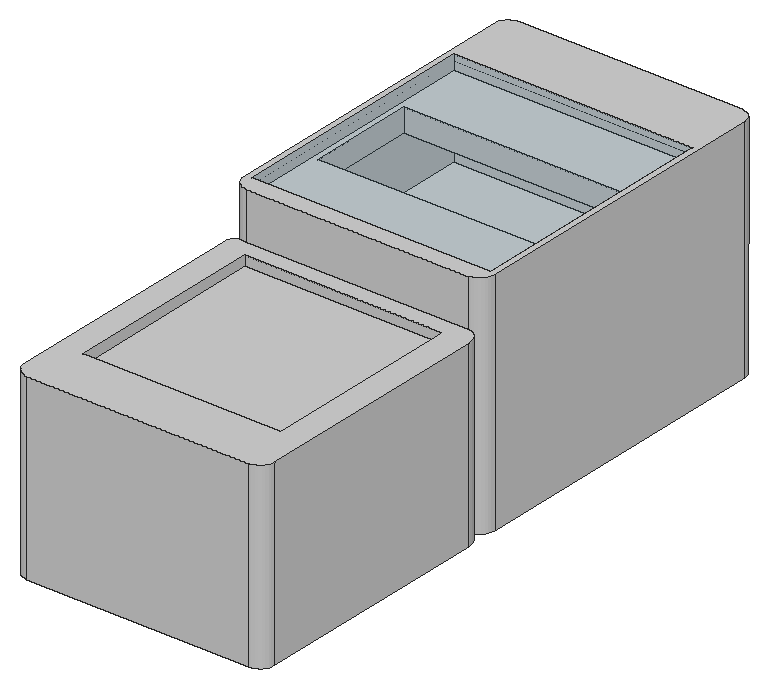
Revit family "Building-QuadriIEC309-GEWISS-68QDIN-QUADRI-PRESE-5MOD_1PRESA", category Apparecchi elettrici, host Superficie, Revit 2019
Family settings
  Host = Superficie
  Mantenere orientamento annotazione = Sì
  Quota connettore circolare = Usa diametro
  Tipo di parte = Normale
  Taglio con vuoti quando caricato = No
  Condiviso = No
  Punto di calcolo locali = Sì
Parameters (values of type "GW68017N - Q-DIN 5M 1FLANGIA PR.16A IP65")
  visibilita posizionamento 2d [instance] = yes
  simbolo 2d [instance] = yes
  oggetto in pianta [instance] = not(visibilita posizionamento 2d)  # no
  n_moduli = 5 mm  # constant formula
  l_Moduli = 95 mm  # constant formula
  distanza_simbolo [instance] = 0.1 mm
  bordo acceso [instance] = yes
  Visibilità sportello [instance] = yes
  Versione file RFA = "21.5"
  VETRO = Vetro
  URL = "https://www.gewiss.com/it/it"
  Tipologia di installazione = "Da parete"
  Tipo versione = "Vuoto"
  Termopressione con biglia = "70 °C"
  Temperatura di utilizzo = "-25 +40 °C"
  Spostamento_effettivo_S [instance] = 4000 mm - Spostamento_S  # 3000 mm
  Spostamento_S = 1000 mm
  Simbolo_quadro [instance] = not(simbolo 2d)  # no
  Scheda Tecnica = "https://www.gewiss.com/it/it/search?q=GW68017N"
  STRUTTURA ALTA = Poche
  STRUTTURA = RAL - 7035
  SEO = "Quadretto"
  Resistenza agli urti = "IK08"
  Default Elevation = 1219.2 mm
  Produttore = "GEWISS S.p.A."
  Potenza dissipabile B (W) = "37"
  Potenza dissipabile A (W) = "10"
  PRESA = rosso
  POMELLO = bianco
  N. prese alloggiabili = "1 IEC 309 16 A IP44/67"
  N. mod. EN 50022 = "5"
  N. coperchi ciechi in dotazione = "-"
  Modello = "GW68017N"
  Immagine tipo = GW68017N.jpg
  IDT = "ee7be3a0-8e2c-4958-911f-c8bff68fcaa4"
  IDF = "ecafc8a6-5119-45a7-aebb-aaca6b32a7d0"
  Grado di protezione = "IP65"
  Glow Wire Test = "650°C"
  Descrizione = "Q-DIN 5M 1FLANGIA PR.16A IP65"
  Creato da GEWISS S.p.A. = ""
  ConformitÃ  normativa = "EN 60208 - EN 60670-1 - IEC 60670-24"
  Colore = "Grigio RAL 7035"
  Codice Electrocod = "2242"
  Codice EAN = "8011564744851"
  Classe isolamento = "II"
  Catalogo Serie = "68 QDIN"
  Catalogo = "BUILDING"
  COBie.Tagnumber = ""
  COBie.CreatedOn = ""
  COBie.CreatebBy = ""
  COBie.ComponentRegisterItemID = ""
  COBie.Component.TagNumber = ""
  COBie.Component.Space = ""
  COBie.Component.SerialNumber = ""
  COBie.Component.InstallationDate = ""
  COBie.Component.Description = ""
  COBie.Component.BarCode = ""
Reference planes
  plane 1 "Centro (Fronte/Retro)": y = 0
  plane 2: z = 0
  plane 3 "Centro (Sinistra/Destra)": x = 0
  plane 4: x = -3000
  plane 5: x = 0
Forms (mm)
  Extrusion 1, solid, material "RAL - 7035" <- "STRUTTURA", detail levels coarse
    sketch origin (0, 0, 0) x (0, 1, 0) y (0, 0, 1)
      loop
        line (0, 0) -> (258, 0) -> (258, 93.422) -> (0, 93.422) -> (0, 0)
    from -52.5 to 52.5
Lines and regions (mm)
  Masking region 1, visible <- "visibilita posizionamento 2d"
    outline origin (0, 0, 0) x (1, 0, 0) y (0, 0, 1)
      loop
        line (-52.5, 0) -> (52.5, 0) -> (52.5, 96) -> (-52.5, 96) -> (-52.5, 0)
Dimensions and locks
  plane 4 to plane 3 "Centro (Sinistra/Destra)" = 3000 mm
  "Spostamento_effettivo_S": plane 4 to plane 5
  aligned and locked: plane 2 to host face
  aligned and locked: level to host face
  aligned and locked: nested 1 to plane 5
  aligned and locked: plane 3 "Centro (Sinistra/Destra)" to nested 2
  aligned and locked: nested 3 to plane 5
  aligned and locked: plane 1 "Centro (Fronte/Retro)" to nested 2
  aligned and locked: Extrusion 1 sketch curve to nested 2  (x3)
  aligned and locked: nested 2 to Extrusion 1 sketch curve
  aligned and locked: Extrusion 1 to nested 2  (x2)
  aligned and locked: Masking region 1 sketch curve to nested 2  (x4)
Automatic sketch dimensions
  host sketch curve to host sketch curve = 2438.4 mm  (x2)
Nested families
  nested 1: "CENTRALINO" at (0, 737.795, 0), BORDO ACCESO <- "bordo acceso", SIMBOLO ACCESO <- "simbolo 2d", Distanza dal muro <- "distanza_simbolo", visible <- "simbolo 2d", type "CENTRALINO"
    with SIMBOLO ACCESO yes, Distanza dal muro 0.1 mm, BORDO ACCESO yes
  nested 2: "base_QDIN5 QUADRO_1_ PRESa IND" at (0, 115, 0), Visibilità sportello <- "Visibilità sportello", type "base_QDIN5 QUADRO_1_ PRESa IND", detail levels medium+fine
  nested 3: "simb_CENTRALINO_BASE_cad pro" at (0, 737.795, 0), Distanza dal muro <- "distanza_simbolo", visible <- "Simbolo_quadro", SIMBOLO ACCESO <- "Simbolo_quadro", type "simb_CENTRALINO_BASE_cad pro"
    with SIMBOLO ACCESO no, Distanza dal muro 0.1 mm, BORDO ACCESO yes
Definition of nested family "base_QDIN5 QUADRO_1_ PRESa IND"
  Parameters (values of type "base_QDIN5 QUADRO_1_ PRESa IND")
    n_moduli = 5 mm
    Visibilità sportello [instance] = yes
    Vetro = none
    Struttura = none
    Spessore = 96 mm  # constant formula
    Default Elevation = 14 mm
    Presa = none
    Lunghezza = 105 mm
    L_moduli = n_moduli * 19  # 95 mm
    LARGHEZZA = 105 mm
    IFC.TypeObject = ""
    IFC.ExportType = ""
    IFC.ExportAs = ""
    COBie.CreatedOn = ""
    COBie.CreatebBy = ""
    COBie.ComponentRegisterItemID = ""
    COBie.Component.TagNumber = ""
    COBie.Component.Space = ""
    COBie.Component.SerialNumber = ""
    COBie.Component.InstallationDate = ""
    COBie.Component.Description = ""
    COBie.Component.BarCode = ""
    Altezza quadro = 138 mm  # constant formula
    Altezza = 258 mm
  Reference planes
    plane 1 "Centro (Fronte/Retro)": y = 0
    plane 2: z = 0
    plane 3 "Centro (Sinistra/Destra)": x = 0
    plane 4: x = -52.5
    plane 5: x = 52.5
    plane 6: z = 76.196
    plane 7: x = -50.097
    plane 8: x = 50.089
    plane 9: z = 80.196
    plane 10: y = -7
    plane 11: y = -91.926
    plane 12: y = 7
    plane 13: y = 113
    plane 14: y = 143
    plane 15: y = -115
    plane 16 "posizione modulari": z = 90
    plane 17: z = 96
    plane 18: y = 83.5
    plane 19: y = 38.5
    plane 20: z = 93.422
    plane 21: z = 55.273
    plane 22: y = 61
    plane 23: z = 72.007
    plane 24: x = -47.5
    plane 25: x = 47.5
  Forms (mm)
    Extrusion 1, solid, material <- "Struttura"
      sketch origin (0, -731.701, 0) x (1, 0, 0) y (0, 1, 0)
        loop
          arc (-46.494, 874.701) -> (-50.741, 872.942) -> (-52.5, 868.695) r 6.006
          line (-52.5, 868.695) -> (-52.5, 737.707)
          arc (-52.5, 737.707) -> (-50.741, 733.46) -> (-46.494, 731.701) r 6.006
          line (-46.494, 731.701) -> (46.494, 731.701)
          arc (46.494, 731.701) -> (50.741, 733.46) -> (52.5, 737.707) r 6.006
          line (52.5, 737.707) -> (52.5, 868.695)
          arc (52.5, 868.695) -> (50.741, 872.942) -> (46.494, 874.701) r 6.006
          line (46.494, 874.701) -> (-46.494, 874.701)
      from 0 to 96
    Extrusion 2, solid, material <- "Struttura"
      sketch origin (0, -731.701, 0) x (1, 0, 0) y (0, 1, 0)
        loop
          line (44.95, 731.701) -> (-48.88, 731.701)
          arc (-48.88, 731.701) -> (-51.44, 730.641) -> (-52.5, 728.081) r 3.62
          line (-52.5, 728.081) -> (-52.5, 622.707)
          arc (-52.5, 622.707) -> (-50.741, 618.46) -> (-46.494, 616.701) r 6.006
          line (-46.494, 616.701) -> (46.494, 616.701)
          arc (46.494, 616.701) -> (50.741, 618.46) -> (52.5, 622.707) r 6.006
          line (52.5, 622.707) -> (52.5, 724.151)
          arc (52.5, 724.151) -> (50.289, 729.489) -> (44.95, 731.701) r 7.55
      from 0 to 76.196
    Extrusion 3, void
      sketch origin (0, -731.701, 0) x (1, 0, 0) y (0, 1, 0)
        loop
          line (-50.097, 844.701) -> (-50.097, 738.701) -> (50.089, 738.701) -> (50.089, 844.701) -> (-50.097, 844.701)
      from 55.273 to 96
    Extrusion 4, solid, material <- "Struttura"
      sketch origin (0, -731.701, 0) x (1, 0, 0) y (0, 1, 0)
        loop
          line (-50.097, 844.701) -> (-50.097, 738.701) -> (50.089, 738.701) -> (50.089, 844.701) -> (-50.097, 844.701)
      from 80.196 to 90
    Extrusion 5, void
      sketch origin (0, -731.701, 0) x (1, 0, 0) y (0, 1, 0)
        loop
          line (-41.5, 724.701) -> (-41.5, 639.775) -> (41.5, 639.775) -> (41.5, 724.701) -> (-41.5, 724.701)
      from 72.007 to 76.196
    Extrusion 6, solid, material <- "Vetro", visible <- "Visibilità sportello"
      sketch origin (0, 0, 0) x (1, 0, 0) y (0, 1, 0)
        loop
          line (-50.097, 7) -> (50.089, 7) -> (50.089, 113) -> (-50.097, 113) -> (-50.097, 7)
      from 93.422 to 96
    Extrusion 7, void
      sketch origin (0, 0, 0) x (1, 0, 0) y (0, 1, 0)
        loop
          line (-47.5, 83.5) -> (-47.5, 38.5) -> (47.5, 38.5) -> (47.5, 83.5) -> (-47.5, 83.5)
      from 55.273 to 90
  Cuts and joins
    Extrusion 3, Extrusion 7 cuts Extrusion 1
    Extrusion 7 cuts Extrusion 6
    Extrusion 7 cuts Extrusion 4
    Extrusion 5 cuts Extrusion 2
  Lines and regions (mm)
    symbolic lines
      curve 1: line (-41.5, 61, 90) -> (41.5, 61, 90)
    model lines
      curve 2: line (-41.5, 61, 90) -> (41.5, 61, 90)
  Dimensions and locks
    equal spacing: plane 4, plane 3 "Centro (Sinistra/Destra)", plane 5  (x2)
    "Lunghezza": plane 4 to plane 5
    locked: plane 4 to plane 7 at 2.403
    locked: plane 8 to plane 5 at 2.411
    plane 4 to plane 5 = 105 mm  (x2)
    locked: Extrusion 5 to Extrusion 5 at 84.926
    plane 1 "Centro (Fronte/Retro)" to plane 14 = 143 mm
    plane 15 to plane 1 "Centro (Fronte/Retro)" = 115 mm
    locked: plane 1 "Centro (Fronte/Retro)" to plane 10 at 7
    locked: plane 6 to plane 9 at 4
    plane 9 to level = 80.196 mm
    locked: plane 17 to plane 16 "posizione modulari" at 6
    plane 17 to plane 6 = 19.804 mm
    plane 14 to plane 13 = 30 mm
    locked: plane 13 to plane 12 at 106
    locked: plane 17 to plane 20 at 2.578
    locked: plane 18 to plane 14 at 59.5
    locked: plane 18 to plane 19 at 45
    locked: plane 6 to plane 21 at 20.923
    locked: plane 23 to plane 6 at 4.189
    equal spacing: plane 24, plane 3 "Centro (Sinistra/Destra)", plane 25
    "L_moduli": plane 24 to plane 25
    aligned and locked: level to plane 2
    aligned and locked: Extrusion 1 sketch curve to plane 5
    aligned and locked: Extrusion 1 sketch curve to plane 4
    aligned and locked: Extrusion 2 sketch curve to plane 5
    aligned and locked: Extrusion 2 sketch curve to plane 4
    aligned and locked: plane 6 to Extrusion 2
    aligned and locked: Extrusion 3 sketch curve to plane 8
    aligned and locked: Extrusion 3 sketch curve to plane 7
    aligned and locked: Extrusion 4 sketch curve to plane 8
    aligned and locked: Extrusion 4 sketch curve to plane 7
    aligned and locked: Extrusion 4 to plane 9
    aligned and locked: plane 1 "Centro (Fronte/Retro)" to Extrusion 1 sketch curve
    aligned and locked: Extrusion 2 sketch curve to plane 1 "Centro (Fronte/Retro)"
    aligned and locked: plane 14 to Extrusion 1 sketch curve
    aligned and locked: plane 15 to Extrusion 2 sketch curve
    aligned and locked: Extrusion 5 sketch curve to plane 10
    aligned and locked: Extrusion 5 sketch curve to plane 11
    aligned and locked: plane 16 "posizione modulari" to Extrusion 4
    aligned and locked: plane 13 to cut or joined group of Extrusion 1, Extrusion 3, Extrusion 7
    aligned and locked: Extrusion 3 to plane 12
    aligned and locked: Extrusion 6 sketch curve to plane 7
    aligned and locked: Extrusion 6 sketch curve to plane 13
    aligned and locked: Extrusion 6 sketch curve to plane 8
    aligned and locked: Extrusion 6 sketch curve to plane 12
    aligned and locked: Extrusion 6 to plane 20
    aligned and locked: plane 17 to Extrusion 6
    aligned and locked: Extrusion 4 sketch curve to plane 13
    aligned and locked: plane 12 to Extrusion 4 sketch curve
    aligned and locked: Extrusion 7 sketch curve to plane 18
    aligned and locked: Extrusion 7 sketch curve to plane 19
    aligned and locked: cut or joined group of Extrusion 1, Extrusion 3, Extrusion 7 to plane 21
    aligned and locked: Extrusion 7 to plane 21
    aligned and locked: plane 16 "posizione modulari" to Extrusion 7
    aligned and locked: curve 2 to plane 22
    aligned and locked: Extrusion 5 to plane 23
    aligned and locked: Extrusion 5 to plane 6
    aligned and locked: plane 24 to Extrusion 7 sketch curve
    aligned and locked: plane 25 to Extrusion 7 sketch curve
  Automatic sketch dimensions
    Extrusion 2 sketch curve to plane 7 = 1.217 mm
    plane 8 to Extrusion 2 sketch curve = 5.139 mm
    Extrusion 3 sketch curve to plane 1 "Centro (Fronte/Retro)" = 7 mm
    Extrusion 3 sketch curve to plane 1 "Centro (Fronte/Retro)" = 113 mm
    plane 8 to Extrusion 1 sketch curve = 3.595 mm  (x2)
    plane 8 to Extrusion 2 sketch curve = 3.595 mm
    plane 8 to Extrusion 5 sketch curve = 8.589 mm
    plane 8 to curve 2 = 8.589 mm
    Extrusion 1 sketch curve to plane 12 = 0.994 mm
    Extrusion 1 sketch curve to plane 7 = 3.603 mm
    Extrusion 2 sketch curve to plane 7 = 3.603 mm
    Extrusion 5 sketch curve to plane 7 = 8.597 mm
    curve 1 to plane 7 = 8.597 mm
Definition of nested family "CENTRALINO"
  Parameters (values of type "CENTRALINO")
    SIMBOLO ACCESO [instance] = yes
    Distanza dal muro [instance] = 0 mm
    BORDO ACCESO [instance] = yes
  Reference planes
    plane 1: y = 0
    plane 2: x = 0
  Dimensions and locks
    "Distanza dal muro": plane 1 to nested 1
    aligned and locked: plane 2 to nested 1
  Nested families
    nested 1: "CENTRALINO_BASE" at (0, 0, 0), BORDO ACCESO <- "BORDO ACCESO", visible <- "SIMBOLO ACCESO", type "CENTRALINO"
      with BORDO ACCESO yes
  Definition of nested family "CENTRALINO_BASE"
    Parameters (values of type "CENTRALINO")
      Distanza dal muro = 0 mm
      BORDO ACCESO [instance] = yes
    Reference planes
      plane 1: y = 0
      plane 2: x = 0
    Lines and regions (mm)
      detail lines, visible <- "BORDO ACCESO", not visible
        curve 1: line (-2.443, 10.208, 0) -> (2.057, 10.208, 0)
        curve 2: line (2.057, 10.208, 0) -> (2.057, 4.208, 0)
        curve 3: line (2.057, 4.208, 0) -> (-2.443, 4.208, 0)
        curve 4: line (-2.443, 4.208, 0) -> (-2.443, 10.208, 0)
        curve 5: line (-2.043, 9.808, 0) -> (1.657, 9.808, 0)
        curve 6: line (1.657, 9.808, 0) -> (1.657, 4.608, 0)
        curve 7: line (1.657, 4.608, 0) -> (-2.043, 4.608, 0)
        curve 8: line (-2.043, 4.608, 0) -> (-2.043, 9.808, 0)
      detail lines
        curve 9: line (0, 0.671, 0) -> (0, 0, 0)
        curve 10: line (0.659, 0.671, 0) -> (0.659, 1.33, 0)
        curve 11: line (0.659, 1.33, 0) -> (-0.659, 1.33, 0)
        curve 12: line (-0.659, 1.33, 0) -> (-0.659, 0.671, 0)
        curve 13: line (-0.659, 0.671, 0) -> (0.659, 0.671, 0)
        curve 14: line (0.497, 1.33, 0) -> (0.497, 2, 0)
        curve 15: line (0.167, 1.33, 0) -> (0.167, 2, 0)
        curve 16: line (-0.162, 1.33, 0) -> (-0.162, 2, 0)
        curve 17: line (-0.491, 1.33, 0) -> (-0.491, 2, 0)
Definition of nested family "simb_CENTRALINO_BASE_cad pro"
  Parameters (values of type "simb_CENTRALINO_BASE_cad pro")
    SIMBOLO ACCESO [instance] = yes
    Distanza dal muro [instance] = 0 mm
    BORDO ACCESO [instance] = yes
  Reference planes
    plane 1: y = 0
    plane 2: x = 0
  Dimensions and locks
    "Distanza dal muro": plane 1 to nested 1
    aligned and locked: plane 2 to nested 1
  Nested families
    nested 1: "CENTRALINO_BASE_cad pro" at (0, 0, 0), type "CENTRALINO"
  Definition of nested family "CENTRALINO_BASE_cad pro"
    Parameters (values of type "CENTRALINO")
      Distanza dal muro = 0 mm
    Reference planes
      plane 1: y = 0
      plane 2: x = 0
    Lines and regions (mm)
      detail lines
        curve 1: line (1.33, 1.33, 0) -> (2.109, 1.33, 0)
        curve 2: line (2.109, 1.33, 0) -> (2.109, 0, 0)
        curve 3: line (2.109, 0, 0) -> (1.33, 0, 0)
        curve 4: line (1.33, 0, 0) -> (-1.33, 1.33, 0)
        curve 5: line (-1.33, 1.33, 0) -> (1.33, 1.33, 0)
        curve 6: line (1.33, 1.33, 0) -> (1.33, 0, 0)
        curve 7: line (1.33, 0, 0) -> (-1.33, 0, 0)
        curve 8: line (-1.33, 0, 0) -> (-1.33, 1.33, 0)
        curve 9: line (1.461, 0.665, 0) -> (1.977, 0.665, 0)
        curve 10: line (1.719, 0.665, 0) -> (1.719, 1.01, 0)
        curve 11: arc (1.977, 0.406, 0) -> (1.719, 0.665, 0) -> (1.461, 0.406, 0) r 0.258
